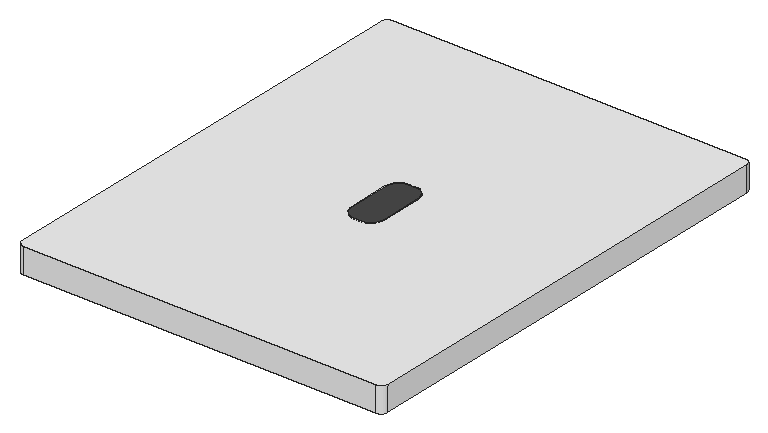
Revit family "Grohe_TectronBauE_ElectricControlledFlushingUnit_398810001", category Plumbing Fixtures, host Face, Revit 2018
Family settings
  Host = Face
  Round Connector Dimension = Use Diameter
  Part Type = Normal
  OmniClass Number = 23.65.05.11.11
  OmniClass Title = Water Supply Systems
  Cut with Voids When Loaded = No
  Shared = No
  Room Calculation Point = No
Parameters (values of type "39881000")
  _ObjectUserGuide = "https://www.bimstore.co/products/grohe-tectron-baue-electric-controlled-flushing-unit-39881000/document/object-user-guide"
  _DistributedBy = "https://www.bimstore.co"
  _CurrentRevision = 1
  _CreatedBy = "https://www.bimstore.co"
  _BimSpecGuid = 0
  _BSBibleVersion = 16
  _AuthorizedBy = "bimstore"
  _Author = "JY"
  WarrantyStartDate [instance] = "Please Record On Commissioning."
  WarrantyGuarantorParts = "https://www.grohe.co.uk"
  WarrantyGuarantorLabor = "https://www.grohe.co.uk"
  WarrantyDurationUnit = "Years"
  WarrantyDurationParts = "0"
  WarrantyDurationLabor = "0"
  WarrantyDescription = "n/a"
  URL = "https://www.grohe.co.uk/en_gb/"
  TypeName = "Tectron Bau E Electric Controlled Flushing Unit"
  Type Comments = "39881000"
  TPIDocumentLink = "n/a"
  SustainabilityReport = "green.grohe.com/reporting"
  SustainabilityAward = "green.grohe.com/awards"
  SpareParts = "n/a"
  Size = "197mm(H)x156mm(W)x10mm(D)"
  Shape = "n/a"
  SerialNumber [instance] = "Please Record On Commissioning."
  ReplacementCost = "n/a"
  ReferencedStandard = "n/a"
  ProductionYear = "2021"
  ProductType = "Electric controlled flushing uni"
  ProductShortText = "Tectron Bau E"
  ProductNumber = "39881000"
  ProductDescription = "Infra-red electronic for WC flushing cisternwith infrared sensor for bi-directional communication\r\nfor monitoring, configuration and servicing\r\nGROHE StarLight chrome finish\r\nwith transformer 42 470 000 100-230 V AC 50-60 Hz, 6.75 V 4 W DC\r\nfor new installations and retrofit to all GD2 cisterns\r\nservo motor\r\nconcealed installation\r\nfront plate 156 x 197 mm\r\nhidden anti-theft device\r\ninfra-red control\r\n7 pre-set programs:\r\nauto flush\r\ncleaning mode\r\npre-flush on/off\r\nadditional functions and precise settings by remote control 36 407\r\nadjustable flush (3 - 9 l) by hand and remote\r\nCE approved"
  PQDiagramLink = "n/a"
  NominalLength = 156.0 mm
  NominalHeight = 197.0 mm
  NominalDepth = 10.5 mm
  NBSReference = "45-35-70/315"
  NBSOfficeMasterTag = "n/a"
  NBSObjectName = "Grohe - Water supply fittings"
  NBSNote = "n/a"
  NBSDescription = "Water supply fittings"
  ModelReference = "Tectron Bau E Electric Controlled Flushing Unit"
  ModelNumber = "39881000"
  Model = "Tectron Bau E Electric Controlled Flushing Unit"
  Material = "Chrome"
  ManufacturerName = "Grohe"
  Manufacturer = "Grohe"
  Keynote = "N13"
  InstallationVideo = "n/a"
  InstallationDate [instance] = "Please Record On Commissioning."
  IfcExportType = "IfcPipeFittingType"
  IfcExportAs = "IfcPipeFitting"
  Grade = "n/a"
  GROHESustainability = "green.grohe.com"
  GROHESocialCommittment = "green.grohe.com/social_engagement"
  FullRecyclabilityOfPlastic = "All plastic components are fully recycable"
  Finish = "n/a"
  Features = "n/a"
  ExpectedLife = 0
  Ecojoy = no
  EF024920 = 600.0 mm
  EF022117 = "Infrared"
  EF020785 = "3/4 inch"
  EF005492 = 10.0 mm
  EF005464 = 26.0 mm
  EF005454 = 197.0 mm
  EF003625 = "230"
  EF002671 = "Chrome"
  EF002286 = "External thread"
  EF001469 = "Transformer"
  EF000010 = "EV000603"
  DurationUnit = "Years"
  DocumentationTechnical = "https://www.bimstore.co/products/grohe-tectron-baue-electric-controlled-flushing-unit-39881000/document/technical-data-sheet"
  DocumentationMaintenance = "https://www.bimstore.co/products/grohe-tectron-baue-electric-controlled-flushing-unit-39881000/document/maintenance-information"
  DocumentationLiterature = "https://www.bimstore.co/products/grohe-tectron-baue-electric-controlled-flushing-unit-39881000/document/product-literature"
  DocumentationInstallationGuide = "https://www.bimstore.co/products/grohe-tectron-baue-electric-controlled-flushing-unit-39881000/document/installation-guide"
  DocumentationCertificates = "https://www.bimstore.co/products/grohe-tectron-baue-electric-controlled-flushing-unit-39881000/document/product-certificates"
  DimensionsDocumentLink = "n/a"
  Description = "Infra-red electronic for WC flushing cisternwith infrared sensor for bi-directional communication\r\nfor monitoring, configuration and servicing\r\nGROHE StarLight chrome finish\r\nwith transformer 42 470 000 100-230 V AC 50-60 Hz, 6.75 V 4 W DC\r\nfor new installations and retrofit to all GD2 cisterns\r\nservo motor\r\nconcealed installation\r\nfront plate 156 x 197 mm\r\nhidden anti-theft device\r\ninfra-red control\r\n7 pre-set programs:\r\nauto flush\r\ncleaning mode\r\npre-flush on/off\r\nadditional functions and precise settings by remote control 36 407\r\nadjustable flush (3 - 9 l) by hand and remote\r\nCE approved"
  Default Elevation = 0.0 mm
  CreatedOn = "2021-07-29T:09:00:00"
  CreatedBy = "https://www.grohe.co.uk"
  CradleToCradleCertification = "n/a"
  Cost = 0
  Constituents = "n/a"
  Color = "Chrome"
  CodePerformance = "n/a"
  ClassificationValue = "Pr_40_20_87_07"
  ClassificationName = "Uniclass2015"
  CO2NeutralProduction = "GROHE is one of the first leading manufacturer within the sanitary industry having a CO2-neutral production."
  BarCode [instance] = "Please Record On Commissioning."
  BIMObjectName = "Grohe_TectronBauE_ElectricControlledFlushingUnit_39881000"
  AssetType = "Fixed"
  AssetIdentifier [instance] = "n/a"
  Assembly Code = "C1030200"
  AccessibilityPerformance = "n/a"
Types (7, lengths in mm): name | Type Comments | ProductNumber | ModelNumber | BIMObjectName
  39881000 | "39881000" | "39881000" | "39881000" | "Grohe_TectronBauE_ElectricControlledFlushingUnit_39881000"
  39881SH0 | "39881SH0" | "39881SH0" | "39881SH0" | "Grohe_TectronBauE_ElectricControlledFlushingUnit_39881SH0"
  3988100D | "3988100D" | "3988100D" | "3988100D" | "Grohe_TectronBauE_ElectricControlledFlushingUnit_3988100D"
  3988100F | "3988100F" | "3988100F" | "3988100F" | "Grohe_TectronBauE_ElectricControlledFlushingUnit_3988100F"
  39881KFD | "39881KFD" | "39881KFD" | "39881KFD" | "Grohe_TectronBauE_ElectricControlledFlushingUnit_39881KFD"
  39881KFF | "39881KFF" | "39881KFF" | "39881KFF" | "Grohe_TectronBauE_ElectricControlledFlushingUnit_39881KFF"
  39881KF0 | "39881KF0" | "39881KF0" | "39881KF0" | "Grohe_TectronBauE_ElectricControlledFlushingUnit_39881KF0"
Reference planes
  plane 1 "Center (Front/Back)": y = 0
  plane 2: z = 0
  plane 3 "Center (Left/Right)": x = 0
  plane 4: x = 78
  plane 5: x = -78
  plane 6: y = 98.5
  plane 7: y = -98.5
  plane 8: z = 10.503
Forms (mm)
  Extrusion 1, solid, material "Grohe - Chrome"
    sketch origin (0, 0, 0) x (1, 0, 0) y (0, 1, 0)
      loop
        arc (-75, 98.5) -> (-77.121, 97.621) -> (-78, 95.5) r 3
        line (-78, 95.5) -> (-78, -95.5)
        arc (-78, -95.5) -> (-77.121, -97.621) -> (-75, -98.5) r 3
        line (-75, -98.5) -> (75, -98.5)
        arc (75, -98.5) -> (77.121, -97.621) -> (78, -95.5) r 3
        line (78, -95.5) -> (78, 95.5)
        arc (78, 95.5) -> (77.121, 97.621) -> (75, 98.5) r 3
        line (75, 98.5) -> (-75, 98.5)
      loop
        line (-7.028, 9.154) -> (-7.028, -8.646)
        arc (-7.028, -8.646) -> (-5.281, -12.862) -> (-1.065, -14.609) r 5.963
        line (-1.065, -14.609) -> (1.035, -14.609)
        arc (1.035, -14.609) -> (5.252, -12.862) -> (6.998, -8.646) r 5.963
        line (6.998, -8.646) -> (6.998, 9.154)
        arc (6.998, 9.154) -> (5.252, 13.371) -> (1.035, 15.117) r 5.963
        line (1.035, 15.117) -> (-1.065, 15.117)
        arc (-1.065, 15.117) -> (-5.281, 13.371) -> (-7.028, 9.154) r 5.963
    from 0 to 10.503
  Extrusion 2, solid, detail levels fine
    sketch origin (0, 0, 0) x (1, 0, 0) y (0, 1, 0)
      loop
        arc (-33.686, 75.28) -> (-36.758, 74.669) -> (-39.361, 72.929) r 8.026
        line (-39.361, 72.929) -> (-50.175, 62.116)
        arc (-50.175, 62.116) -> (-51.915, 59.512) -> (-52.526, 56.44) r 8.026
        line (-52.526, 56.44) -> (-52.526, 0.254) -> (-52.526, -55.932)
        arc (-52.526, -55.932) -> (-51.915, -59.004) -> (-50.175, -61.607) r 8.026
        line (-50.175, -61.607) -> (-39.361, -72.421)
        arc (-39.361, -72.421) -> (-36.758, -74.161) -> (-33.686, -74.772) r 8.026
        line (-33.686, -74.772) -> (33.686, -74.772)
        arc (33.686, -74.772) -> (36.758, -74.161) -> (39.361, -72.421) r 8.026
        line (39.361, -72.421) -> (50.175, -61.607)
        arc (50.175, -61.607) -> (51.915, -59.004) -> (52.526, -55.932) r 8.026
        line (52.526, -55.932) -> (52.526, 0.254) -> (52.526, 56.44)
        arc (52.526, 56.44) -> (51.915, 59.512) -> (50.175, 62.116) r 8.026
        line (50.175, 62.116) -> (39.361, 72.929)
        arc (39.361, 72.929) -> (36.758, 74.669) -> (33.686, 75.28) r 8.026
        line (33.686, 75.28) -> (-33.686, 75.28)
      loop
        arc (-51.589, 63.53) -> (-53.763, 60.277) -> (-54.526, 56.44) r 10.026
        line (-54.526, 56.44) -> (-54.526, 0.254) -> (-54.526, -55.932)
        arc (-54.526, -55.932) -> (-53.763, -59.769) -> (-51.589, -63.022) r 10.026
        line (-51.589, -63.022) -> (-40.776, -73.835)
        arc (-40.776, -73.835) -> (-37.523, -76.009) -> (-33.686, -76.772) r 10.026
        line (-33.686, -76.772) -> (33.686, -76.772)
        arc (33.686, -76.772) -> (37.523, -76.009) -> (40.776, -73.835) r 10.026
        line (40.776, -73.835) -> (51.589, -63.022)
        arc (51.589, -63.022) -> (53.763, -59.769) -> (54.526, -55.932) r 10.026
        line (54.526, -55.932) -> (54.526, 0.254) -> (54.526, 56.44)
        arc (54.526, 56.44) -> (53.763, 60.277) -> (51.589, 63.53) r 10.026
        line (51.589, 63.53) -> (40.776, 74.343)
        arc (40.776, 74.343) -> (37.523, 76.517) -> (33.686, 77.28) r 10.026
        line (33.686, 77.28) -> (-33.686, 77.28)
        arc (-33.686, 77.28) -> (-37.523, 76.517) -> (-40.776, 74.343) r 10.026
        line (-40.776, 74.343) -> (-51.589, 63.53)
    from 0 to -15.397
  Extrusion 3, solid, detail levels fine
    sketch origin (0, 0, 0) x (1, 0, 0) y (0, 1, 0)
      loop
        line (54.169, 53.788) -> (61.554, 53.789)
        arc (61.554, 53.789) -> (64.028, 54.814) -> (65.053, 57.288) r 3.499
        line (65.053, 57.288) -> (65.053, 65.234)
        arc (65.053, 65.234) -> (64.027, 67.706) -> (61.554, 68.726) r 3.491
        arc (61.554, 68.726) -> (58.864, 69.256) -> (56.583, 70.779) r 7.009
        line (56.583, 70.779) -> (49.724, 77.637)
        arc (49.724, 77.637) -> (48.177, 79.98) -> (47.673, 82.741) r 7.009
        arc (47.673, 82.741) -> (46.677, 85.258) -> (44.182, 86.307) r 3.491
        line (44.182, 86.307) -> (36.325, 86.307)
        arc (36.325, 86.307) -> (33.851, 85.282) -> (32.826, 82.808) r 3.499
        line (32.826, 82.808) -> (32.826, 77.243)
        arc (32.826, 77.243) -> (37.122, 76.673) -> (40.776, 74.343) r 10.026
        line (40.776, 74.343) -> (51.589, 63.53)
        arc (51.589, 63.53) -> (54.192, 59.007) -> (54.169, 53.788) r 10.026
      loop
        line (-32.826, 77.243) -> (-32.826, 82.808)
        arc (-32.826, 82.808) -> (-33.851, 85.282) -> (-36.325, 86.307) r 3.499
        line (-36.325, 86.307) -> (-44.182, 86.307)
        arc (-44.182, 86.307) -> (-46.677, 85.258) -> (-47.673, 82.741) r 3.491
        arc (-47.673, 82.741) -> (-48.177, 79.98) -> (-49.724, 77.637) r 7.009
        line (-49.724, 77.637) -> (-56.583, 70.779)
        arc (-56.583, 70.779) -> (-58.864, 69.256) -> (-61.554, 68.726) r 7.009
        arc (-61.554, 68.726) -> (-64.027, 67.706) -> (-65.053, 65.234) r 3.491
        line (-65.053, 65.234) -> (-65.053, 57.288)
        arc (-65.053, 57.288) -> (-64.028, 54.814) -> (-61.554, 53.789) r 3.499
        line (-61.554, 53.789) -> (-54.526, 53.789) -> (-54.526, 56.44)
        arc (-54.526, 56.44) -> (-53.763, 60.277) -> (-51.589, 63.53) r 10.026
        line (-51.589, 63.53) -> (-40.776, 74.343)
        arc (-40.776, 74.343) -> (-37.122, 76.673) -> (-32.826, 77.243) r 10.026
      loop
        line (-54.526, -53.28) -> (-61.554, -53.28)
        arc (-61.554, -53.28) -> (-64.028, -54.305) -> (-65.053, -56.78) r 3.499
        line (-65.053, -56.78) -> (-65.053, -64.726)
        arc (-65.053, -64.726) -> (-64.027, -67.198) -> (-61.554, -68.218) r 3.491
        arc (-61.554, -68.218) -> (-58.864, -68.748) -> (-56.583, -70.27) r 7.009
        line (-56.583, -70.27) -> (-49.724, -77.129)
        arc (-49.724, -77.129) -> (-48.177, -79.471) -> (-47.673, -82.233) r 7.009
        arc (-47.673, -82.233) -> (-46.677, -84.75) -> (-44.182, -85.799) r 3.491
        line (-44.182, -85.799) -> (-36.325, -85.799)
        arc (-36.325, -85.799) -> (-33.851, -84.774) -> (-32.826, -82.299) r 3.499
        line (-32.826, -82.299) -> (-32.826, -76.772) -> (-33.686, -76.772)
        arc (-33.686, -76.772) -> (-37.523, -76.009) -> (-40.776, -73.835) r 10.026
        line (-40.776, -73.835) -> (-51.589, -63.022)
        arc (-51.589, -63.022) -> (-53.763, -59.769) -> (-54.526, -55.932) r 10.026
        line (-54.526, -55.932) -> (-54.526, -53.28)
      loop
        line (32.826, -76.735) -> (32.826, -82.299)
        arc (32.826, -82.299) -> (33.851, -84.774) -> (36.325, -85.799) r 3.499
        line (36.325, -85.799) -> (44.182, -85.799)
        arc (44.182, -85.799) -> (46.677, -84.75) -> (47.673, -82.233) r 3.491
        arc (47.673, -82.233) -> (48.177, -79.471) -> (49.724, -77.129) r 7.009
        line (49.724, -77.129) -> (56.583, -70.27)
        arc (56.583, -70.27) -> (58.864, -68.748) -> (61.554, -68.218) r 7.009
        arc (61.554, -68.218) -> (64.027, -67.198) -> (65.053, -64.726) r 3.491
        line (65.053, -64.726) -> (65.053, -56.78)
        arc (65.053, -56.78) -> (64.028, -54.305) -> (61.554, -53.28) r 3.499
        line (61.554, -53.28) -> (54.526, -53.28) -> (54.526, -55.932)
        arc (54.526, -55.932) -> (53.763, -59.769) -> (51.589, -63.022) r 10.026
        line (51.589, -63.022) -> (40.776, -73.835)
        arc (40.776, -73.835) -> (37.122, -76.165) -> (32.826, -76.735) r 10.026
    from 0 to -7.008
  Extrusion 4, solid, material "Grohe - Chrome", detail levels medium+fine
    sketch origin (0, 0, 0) x (1, 0, 0) y (0, 1, 0)
      loop
        arc (-18.23, 34.528) -> (-23.267, 32.441) -> (-25.353, 27.404) r 7.124
        line (-25.353, 27.404) -> (-25.353, -28.389)
        arc (-25.353, -28.389) -> (-23.681, -32.427) -> (-19.643, -34.099) r 5.711
        line (-19.643, -34.099) -> (19.643, -34.099)
        arc (19.643, -34.099) -> (23.681, -32.427) -> (25.353, -28.389) r 5.711
        line (25.353, -28.389) -> (25.353, 27.404)
        arc (25.353, 27.404) -> (23.267, 32.441) -> (18.23, 34.528) r 7.124
        line (18.23, 34.528) -> (-18.23, 34.528)
    from -16.1 to 0
  Extrusion 5, solid, detail levels fine
    sketch origin (0, 0, 0) x (1, 0, 0) y (0, 1, 0)
      loop
        arc (-18.321, 35.028) -> (-27.763, 31.117) -> (-31.674, 21.676) r 13.352
        line (-31.674, 21.676) -> (-31.674, -29.52)
        arc (-31.674, -29.52) -> (-30.209, -33.055) -> (-26.674, -34.52) r 5
        line (-26.674, -34.52) -> (26.674, -34.52)
        arc (26.674, -34.52) -> (30.209, -33.055) -> (31.674, -29.52) r 5
        line (31.674, -29.52) -> (31.674, 21.676)
        arc (31.674, 21.676) -> (27.763, 31.117) -> (18.321, 35.028) r 13.352
        line (18.321, 35.028) -> (-18.321, 35.028)
    from -16.1 to -25.161
  Extrusion 6, solid, material "UHMW, Black"
    sketch origin (0, 0, 0) x (1, 0, 0) y (0, 1, 0)
      loop
        arc (6.998, 9.154) -> (5.252, 13.371) -> (1.035, 15.117) r 5.963
        line (1.035, 15.117) -> (-1.065, 15.117)
        arc (-1.065, 15.117) -> (-5.281, 13.371) -> (-7.028, 9.154) r 5.963
        line (-7.028, 9.154) -> (-7.028, -8.646)
        arc (-7.028, -8.646) -> (-5.281, -12.862) -> (-1.065, -14.609) r 5.963
        line (-1.065, -14.609) -> (1.035, -14.609)
        arc (1.035, -14.609) -> (5.252, -12.862) -> (6.998, -8.646) r 5.963
        line (6.998, -8.646) -> (6.998, 9.154)
    from 0 to 10.503
Dimensions and locks
  "NominalLength": plane 5 to plane 4
  "NominalHeight": plane 6 to plane 7
  plane 8 to level = 10.503 mm
  equal spacing: plane 7, plane 1 "Center (Front/Back)", plane 6
  equal spacing: plane 5, plane 3 "Center (Left/Right)", plane 4
  aligned and locked: plane 2 to host face
  aligned and locked: level to host face
  aligned and locked: plane 6 to Extrusion 1 sketch curve
  aligned and locked: plane 5 to Extrusion 1 sketch curve
  aligned and locked: plane 7 to Extrusion 1 sketch curve
  aligned and locked: plane 4 to Extrusion 1 sketch curve
Automatic sketch dimensions
  host sketch curve to host sketch curve = 2438.4 mm  (x2)
  plane 5 to Extrusion 1 sketch curve = 3.0 mm  (x2)
  plane 4 to Extrusion 1 sketch curve = 3.0 mm  (x2)
  Extrusion 2 sketch curve to plane 1 "Center (Front/Back)" = 0.254 mm  (x2)
  plane 5 to Extrusion 2 sketch curve = 25.474 mm
  Extrusion 2 sketch curve to Extrusion 2 sketch curve = 2.351 mm  (x3)
  Extrusion 2 sketch curve to Extrusion 2 sketch curve = 8.026 mm
  Extrusion 2 sketch curve to Extrusion 2 sketch curve = 5.675 mm  (x8)
  Extrusion 2 sketch curve to Extrusion 2 sketch curve = 10.814 mm  (x7)
  plane 3 "Center (Left/Right)" to Extrusion 2 sketch curve = 33.686 mm  (x2)
  plane 6 to Extrusion 2 sketch curve = 25.571 mm
  plane 7 to Extrusion 2 sketch curve = 26.079 mm
  plane 4 to Extrusion 2 sketch curve = 25.474 mm
  plane 1 "Center (Front/Back)" to Extrusion 2 sketch curve = 72.421 mm
  plane 6 to Extrusion 2 sketch curve = 42.06 mm
  Extrusion 2 sketch curve to Extrusion 2 sketch curve = 16.489 mm
  Extrusion 2 sketch curve to Extrusion 2 sketch curve = 1.414 mm  (x12)
  Extrusion 2 sketch curve to Extrusion 2 sketch curve = 0.0 mm  (x18)
  Extrusion 3 sketch curve to Extrusion 3 sketch curve = 3.491 mm  (x10)
  Extrusion 3 sketch curve to Extrusion 3 sketch curve = 3.499 mm  (x10)
  Extrusion 3 sketch curve to Extrusion 3 sketch curve = 0.0 mm  (x13)
  Extrusion 3 sketch curve to Extrusion 3 sketch curve = 0.023 mm  (x2)
  Extrusion 3 sketch curve to Extrusion 3 sketch curve = 4.956 mm  (x14)
  Extrusion 3 sketch curve to Extrusion 3 sketch curve = 6.859 mm  (x8)
  Extrusion 3 sketch curve to Extrusion 3 sketch curve = 5.542 mm  (x4)
  Extrusion 3 sketch curve to Extrusion 3 sketch curve = 7.857 mm  (x4)
  plane 7 to Extrusion 3 sketch curve = 16.201 mm
  plane 6 to Extrusion 3 sketch curve = 15.692 mm
  Extrusion 3 sketch curve to Extrusion 3 sketch curve = 4.979 mm
  Extrusion 3 sketch curve to Extrusion 3 sketch curve = 5.104 mm  (x2)
  Extrusion 3 sketch curve to Extrusion 3 sketch curve = 7.947 mm  (x4)
  Extrusion 3 sketch curve to Extrusion 3 sketch curve = 2.053 mm  (x2)
  Extrusion 3 sketch curve to Extrusion 3 sketch curve = 5.565 mm  (x2)
  Extrusion 3 sketch curve to Extrusion 3 sketch curve = 2.937 mm  (x4)
  Extrusion 3 sketch curve to Extrusion 3 sketch curve = 10.026 mm  (x2)
  Extrusion 3 sketch curve to Extrusion 3 sketch curve = 7.95 mm  (x3)
  Extrusion 3 sketch curve to Extrusion 3 sketch curve = 7.089 mm  (x3)
  Extrusion 3 sketch curve to Extrusion 3 sketch curve = 0.861 mm  (x2)
  Extrusion 3 sketch curve to Extrusion 3 sketch curve = 4.993 mm  (x2)
  Extrusion 3 sketch curve to Extrusion 3 sketch curve = 7.249 mm  (x2)
  Extrusion 3 sketch curve to Extrusion 3 sketch curve = 2.652 mm  (x3)
  plane 7 to Extrusion 3 sketch curve = 12.701 mm
  plane 5 to Extrusion 3 sketch curve = 12.947 mm  (x2)
  Extrusion 3 sketch curve to Extrusion 3 sketch curve = 7.028 mm  (x2)
  Extrusion 3 sketch curve to Extrusion 3 sketch curve = 3.407 mm
  Extrusion 3 sketch curve to Extrusion 3 sketch curve = 11.674 mm
  plane 3 "Center (Left/Right)" to Extrusion 3 sketch curve = 32.826 mm  (x2)
  Extrusion 3 sketch curve to Extrusion 3 sketch curve = 0.223 mm  (x2)
  Extrusion 3 sketch curve to Extrusion 3 sketch curve = 20.555 mm  (x2)
  Extrusion 3 sketch curve to Extrusion 3 sketch curve = 9.669 mm
  Extrusion 3 sketch curve to Extrusion 3 sketch curve = 13.466 mm
  Extrusion 3 sketch curve to Extrusion 3 sketch curve = 7.385 mm
  plane 6 to Extrusion 3 sketch curve = 21.257 mm
  plane 6 to Extrusion 3 sketch curve = 24.157 mm
  Extrusion 3 sketch curve to Extrusion 3 sketch curve = 29.027 mm
  Extrusion 3 sketch curve to Extrusion 3 sketch curve = 5.528 mm
  Extrusion 3 sketch curve to Extrusion 3 sketch curve = 2.899 mm
  Extrusion 4 sketch curve to plane 3 "Center (Left/Right)" = 25.353 mm
  Extrusion 4 sketch curve to Extrusion 4 sketch curve = 5.711 mm  (x2)
  Extrusion 4 sketch curve to Extrusion 4 sketch curve = 7.124 mm  (x2)
  plane 3 "Center (Left/Right)" to Extrusion 4 sketch curve = 18.23 mm
  plane 1 "Center (Front/Back)" to Extrusion 4 sketch curve = 34.099 mm
  Extrusion 4 sketch curve to plane 1 "Center (Front/Back)" = 27.404 mm
  Extrusion 5 sketch curve to plane 3 "Center (Left/Right)" = 31.674 mm
  Extrusion 5 sketch curve to Extrusion 5 sketch curve = 5.0 mm  (x2)
  Extrusion 5 sketch curve to plane 3 "Center (Left/Right)" = 18.321 mm
  plane 3 "Center (Left/Right)" to Extrusion 5 sketch curve = 18.321 mm
  plane 3 "Center (Left/Right)" to Extrusion 5 sketch curve = 26.674 mm
  plane 1 "Center (Front/Back)" to Extrusion 5 sketch curve = 34.52 mm
  Extrusion 5 sketch curve to plane 1 "Center (Front/Back)" = 21.676 mm
  Extrusion 1 sketch curve to plane 3 "Center (Left/Right)" = 7.028 mm
  Extrusion 1 sketch curve to plane 3 "Center (Left/Right)" = 1.065 mm  (x2)
  plane 3 "Center (Left/Right)" to Extrusion 1 sketch curve = 1.035 mm  (x2)
  Extrusion 1 sketch curve to Extrusion 1 sketch curve = 5.963 mm
  plane 1 "Center (Front/Back)" to Extrusion 1 sketch curve = 14.609 mm
  Extrusion 1 sketch curve to plane 1 "Center (Front/Back)" = 9.154 mm
  Extrusion 6 sketch curve to plane 3 "Center (Left/Right)" = 7.028 mm
  Extrusion 6 sketch curve to plane 3 "Center (Left/Right)" = 1.065 mm  (x2)
  plane 3 "Center (Left/Right)" to Extrusion 6 sketch curve = 1.035 mm  (x2)
  Extrusion 6 sketch curve to Extrusion 6 sketch curve = 5.963 mm
  plane 1 "Center (Front/Back)" to Extrusion 6 sketch curve = 14.609 mm
  Extrusion 6 sketch curve to plane 1 "Center (Front/Back)" = 9.154 mm
Connectors
  electrical at (0, 0, 0)
    settings: on Extrusion 1, index 1, voltage 0 V, apparent load 0 VA, apparent load phase1 0 VA, apparent load phase2 0 VA, apparent load phase3 0 VA, power factor 1, load classification "Other", number of poles 1, system type 31, power factor state 1, is connector primary yes, connector utility no, sub classification motor no, connector description ""
